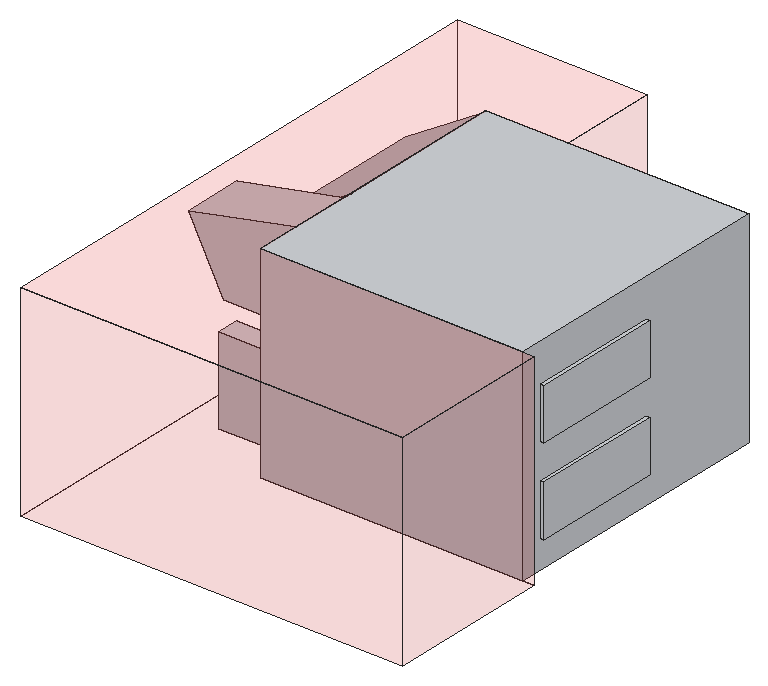
Revit family
Parameters (values of type "230 V Three Phase")
  Weight Scheduled [instance] = 775  # constant formula
  Voltage Workaround = Voltage / 1 V  # 230
  Voltage Scheduled = Voltage  # 230 V
  Voltage = 230 V
  VoltAmps Workaround [instance] = Voltage Workaround * Total FLA * sqrt(Phase)  # 0
  VoltAmps [instance] = VoltAmps Workaround * 1 VA  # 0 VA
  VFD [instance] = no
  URL = "http://www.renewaire.com/_assets/files/SubmittalForms/HE3XRTCSubmittal.pdf"
  Total FLA [instance] = if(or(Supply Motor FLA = 0, Exhaust Motor FLA = 0), 0, (Supply Motor FLA * Supply Motor Count) + (Exhaust Motor FLA * Exhaust Motor Count))  # 0
  Supply Motor RPM Scheduled [instance] = Supply Motor RPM  # 1495
  Supply Motor RPM [instance] = if(and(or(Supply ESP = -0.75, Supply ESP > -0.75), Supply ESP < -0.5), if(Supply CFM > 2605 CFM, 0, if(Supply CFM > 2515 CFM, 1715, if(Supply CFM > 2430 CFM, 1660, if(Supply CFM > 2355 CFM, 1605, if(Supply CFM > 2230 CFM, 1550, 1495))))), if(and(or(Supply ESP = -0.5, Supply ESP > -0.5), Supply ESP < -0.25), if(Supply CFM > 2525 CFM, 0, if(Supply CFM > 2430 CFM, 1770, if(Supply CFM > 2345 CFM, 1715, if(Supply CFM > 2270 CFM, 1660, if(Supply CFM > 2185 CFM, 1605, if(Supply CFM > 2090 CFM, 1550, 1495)))))), if(and(or(Supply ESP = -0.25, Supply ESP > -0.25), Supply ESP < 0), if(Supply CFM > 2338 CFM, 0, if(Supply CFM > 2255 CFM, 1770, if(Supply CFM > 2175 CFM, 1715, if(Supply CFM > 2110 CFM, 1660, if(Supply CFM > 2015 CFM, 1605, if(Supply CFM > 1950 CFM, 1550, 1495)))))), if(and(or(Supply ESP = 0, Supply ESP > 0), Supply ESP < 0.25), if(Supply CFM > 2250 CFM, 0, if(Supply CFM > 2195 CFM, 1825, if(Supply CFM > 2120 CFM, 1770, if(Supply CFM > 2050 CFM, 1715, if(Supply CFM > 1980 CFM, 1660, if(Supply CFM > 1900 CFM, 1605, if(Supply CFM > 1840 CFM, 1550, 1495))))))), if(and(or(Supply ESP = 0.25, Supply ESP > 0.25), Supply ESP < 0.5), if(Supply CFM > 2100 CFM, 0, if(Supply CFM > 2025 CFM, 1825, if(Supply CFM > 1960 CFM, 1770, if(Supply CFM > 1900 CFM, 1715, if(Supply CFM > 1830 CFM, 1660, if(Supply CFM > 1765 CFM, 1605, if(Supply CFM > 1730 CFM, 1550, 1495))))))), if(and(or(Supply ESP = 0.5, Supply ESP > 0.5), Supply ESP < 0.75), if(Supply CFM > 1865 CFM, 0, if(Supply CFM > 1785 CFM, 1825, if(Supply CFM > 1700 CFM, 1770, if(Supply CFM > 1620 CFM, 1715, if(Supply CFM > 1560 CFM, 1660, if(Supply CFM > 1540 CFM, 1605, if(Supply CFM > 1500 CFM, 1550, 1495))))))), if(Supply ESP = 0.75, if(Supply CFM > 1630 CFM, 0, if(Supply CFM > 1545 CFM, 1825, if(Supply CFM > 1440 CFM, 1770, if(Supply CFM > 1340 CFM, 1715, if(Supply CFM > 1290 CFM, 1660, if(Supply CFM > 1200 CFM, 1605, if(Supply CFM > 1100 CFM, 1550, 1495))))))), 0)))))))  # 1495
  Supply Motor HP Scheduled [instance] = Supply Motor HP  # 0
  Supply Motor HP [instance] = 0
  Supply Motor FLA [instance] = if(VFD, if(Supply Motor BHP = 0, 0, if(Supply Motor HP = 3, if(and(or(Voltage = 208 V, Voltage = 230 V), Phase = 1), 9.4, if(and(or(Voltage = 208 V, Voltage = 230 V), Phase = 3), 9.4, if(and(Voltage = 460 V, Phase = 3), 4.2, if(and(Voltage = 575 V, Phase = 3), 3.3, 0)))), 0)), if(Supply Motor BHP = 0, 0, if(Supply Motor HP = 3, if(and(or(Voltage = 208 V, Voltage = 230 V), Phase = 1), 13, if(and(or(Voltage = 208 V, Voltage = 230 V), Phase = 3), 9.4, if(and(Voltage = 460 V, Phase = 3), 4.2, if(and(Voltage = 575 V, Phase = 3), 3.3, 0)))), 0)))  # 0
  Supply Motor Count Scheduled [instance] = Supply Motor Count  # 1
  Supply Motor Count [instance] = 1  # constant formula
  Supply Motor BHP [instance] = if(and(or(Supply ESP = -0.75, Supply ESP > -0.75), Supply ESP < -0.5), if(Supply CFM > 2605 CFM, 0, if(Supply CFM > 2515 CFM, 2.7, if(Supply CFM > 2430 CFM, 2.4, if(Supply CFM > 2355 CFM, 2.2, if(Supply CFM > 2230 CFM, 1.2, 0.8))))), if(and(or(Supply ESP = -0.5, Supply ESP > -0.5), Supply ESP < -0.25), if(Supply CFM > 2525 CFM, 0, if(Supply CFM > 2430 CFM, 3, if(Supply CFM > 2345 CFM, 2.6, if(Supply CFM > 2270 CFM, 2.2, if(Supply CFM > 2185 CFM, 1.8, if(Supply CFM > 2090 CFM, 1.1, 0.7)))))), if(and(or(Supply ESP = -0.25, Supply ESP > -0.25), Supply ESP < 0), if(Supply CFM > 2338 CFM, 0, if(Supply CFM > 2255 CFM, 2.7, if(Supply CFM > 2175 CFM, 2.4, if(Supply CFM > 2110 CFM, 1.9, if(Supply CFM > 2015 CFM, 1.3, if(Supply CFM > 1950 CFM, 1, 0.5)))))), if(and(or(Supply ESP = 0, Supply ESP > 0), Supply ESP < 0.25), if(Supply CFM > 2250 CFM, 0, if(Supply CFM > 2195 CFM, 2.9, if(Supply CFM > 2120 CFM, 2.3, if(Supply CFM > 2050 CFM, 2.3, if(Supply CFM > 1980 CFM, 1.8, if(Supply CFM > 1900 CFM, 1.3, if(Supply CFM > 1840 CFM, 0.6, 0.4))))))), if(and(or(Supply ESP = 0.25, Supply ESP > 0.25), Supply ESP < 0.5), if(Supply CFM > 2100 CFM, 0, if(Supply CFM > 2025 CFM, 2.5, if(Supply CFM > 1960 CFM, 2.3, if(Supply CFM > 1900 CFM, 2, if(Supply CFM > 1830 CFM, 1.6, if(Supply CFM > 1765 CFM, 1.3, if(Supply CFM > 1730 CFM, 0.4, 0.3))))))), if(and(or(Supply ESP = 0.5, Supply ESP > 0.5), Supply ESP < 0.75), if(Supply CFM > 1865 CFM, 0, if(Supply CFM > 1785 CFM, 2.3, if(Supply CFM > 1700 CFM, 2.1, if(Supply CFM > 1620 CFM, 1.2, if(Supply CFM > 1560 CFM, 0.6, if(Supply CFM > 1540 CFM, 0.4, if(Supply CFM > 1500 CFM, 0.3, 0.2))))))), if(Supply ESP = 0.75, if(Supply CFM > 1630 CFM, 0, if(Supply CFM > 1545 CFM, 2.1, if(Supply CFM > 1440 CFM, 1.8, if(Supply CFM > 1340 CFM, 1.4, if(Supply CFM > 1290 CFM, 1, if(Supply CFM > 1200 CFM, 0.5, if(Supply CFM > 1100 CFM, 0.4, 0.2))))))), 0)))))))  # 0.4
  Supply ESP Scheduled [instance] = Supply ESP  # 0
  Supply ESP [instance] = 0
  Supply CFM Scheduled [instance] = Supply CFM  # 0 CFM
  Supply CFM [instance] = 0 CFM
  Supply Air Winter RH Scheduled [instance] = 0
  Supply Air Winter DB Scheduled [instance] = 0
  Supply Air Summer RH Scheduled [instance] = 0
  Supply Air Summer DB Scheduled [instance] = 0
  Phase Scheduled = Phase  # 3
  Phase = 3
  Outside Air Winter RH Scheduled [instance] = 0
  Outside Air Winter DB Scheduled [instance] = 0
  Outside Air Summer RH Scheduled [instance] = 0
  Outside Air Summer DB Scheduled [instance] = 0
  Number of Poles = 3
  Model = "HE3XRTC"
  Manufacturer = "RenewAire"
  MOCP Scheduled [instance] = MOCP  # 0
  MOCP [instance] = if(Total FLA = 0, 0, if(and(or(Voltage = 208 V, Voltage = 230 V), Phase = 1), 40, if(and(or(Voltage = 208 V, Voltage = 230 V), Phase = 3), 25, if(and(Voltage = 460 V, Phase = 3), 15, if(and(Voltage = 575 V, Phase = 3), 15, 0)))))  # 0
  MCA Scheduled [instance] = MCA  # 0
  MCA [instance] = if(VFD, if(Total FLA = 0, 0, if(and(or(Voltage = 208 V, Voltage = 230 V), Phase = 1), 40.2, if(and(or(Voltage = 208 V, Voltage = 230 V), Phase = 3), 23.2, if(and(Voltage = 460 V, Phase = 3), 10.5, if(and(Voltage = 575 V, Phase = 3), 8.2, 0))))), if(Total FLA = 0, 0, if(and(or(Voltage = 208 V, Voltage = 230 V), Phase = 1), 29.3, if(and(or(Voltage = 208 V, Voltage = 230 V), Phase = 3), 21.1, if(and(Voltage = 460 V, Phase = 3), 9.5, if(and(Voltage = 575 V, Phase = 3), 7.4, 0))))))  # 0
  FLA Scheduled [instance] = Total FLA  # 0
  Exhaust RH Scheduled [instance] = 0
  Exhaust Motor RPM Scheduled [instance] = Exhaust Motor RPM  # 1240
  Exhaust Motor RPM [instance] = if(and(or(Exhaust ESP = -0.75, Exhaust ESP > -0.75), Exhaust ESP < -0.5), if(Exhaust CFM > 2010 CFM, 0, if(Exhaust CFM > 1920 CFM, 1510, if(Exhaust CFM > 1830 CFM, 1465, if(Exhaust CFM > 1750 CFM, 1420, if(Exhaust CFM > 1690 CFM, 1375, if(Exhaust CFM > 1510 CFM, 1330, if(Exhaust CFM > 1320 CFM, 1285, 1240))))))), if(and(or(Exhaust ESP = -0.5, Exhaust ESP > -0.5), Exhaust ESP < -0.25), if(Exhaust CFM > 2130 CFM, 0, if(Exhaust CFM > 2035 CFM, 1465, if(Exhaust CFM > 1945 CFM, 1420, if(Exhaust CFM > 1860 CFM, 1375, if(Exhaust CFM > 1725 CFM, 1330, if(Exhaust CFM > 1590 CFM, 1285, 1240)))))), if(and(or(Exhaust ESP = -0.25, Exhaust ESP > -0.25), Exhaust ESP < 0), if(Exhaust CFM > 2240 CFM, 0, if(Exhaust CFM > 2140 CFM, 1420, if(Exhaust CFM > 2030 CFM, 1375, if(Exhaust CFM > 1940 CFM, 1330, if(Exhaust CFM > 1860 CFM, 1285, 1240))))), if(and(or(Exhaust ESP = 0, Exhaust ESP > 0), Exhaust ESP < 0.25), if(Exhaust CFM > 2400 CFM, 0, if(Exhaust CFM > 2330 CFM, 1375, if(Exhaust CFM > 2250 CFM, 1330, if(Exhaust CFM > 2165 CFM, 1285, 1240)))), if(and(or(Exhaust ESP = 0.25, Exhaust ESP > 0.25), Exhaust ESP < 0.5), if(Exhaust CFM > 2240 CFM, 0, if(Exhaust CFM > 2140 CFM, 1420, if(Exhaust CFM > 2030 CFM, 1375, if(Exhaust CFM > 1940 CFM, 1330, if(Exhaust CFM > 1860 CFM, 1285, 1240))))), if(and(or(Exhaust ESP = 0.5, Exhaust ESP > 0.5), Exhaust ESP < 0.75), if(Exhaust CFM > 2130 CFM, 0, if(Exhaust CFM > 2035 CFM, 1465, if(Exhaust CFM > 1945 CFM, 1420, if(Exhaust CFM > 1860 CFM, 1375, if(Exhaust CFM > 1725 CFM, 1330, if(Exhaust CFM > 1590 CFM, 1285, 1240)))))), if(Exhaust ESP = 0.75, if(Exhaust CFM > 2010 CFM, 0, if(Exhaust CFM > 1920 CFM, 1510, if(Exhaust CFM > 1830 CFM, 1465, if(Exhaust CFM > 1750 CFM, 1420, if(Exhaust CFM > 1690 CFM, 1375, if(Exhaust CFM > 1510 CFM, 1330, if(Exhaust CFM > 1320 CFM, 1285, 1240))))))), 0)))))))  # 1240
  Exhaust Motor HP Scheduled [instance] = Exhaust Motor HP  # 0
  Exhaust Motor HP [instance] = 0
  Exhaust Motor FLA [instance] = if(VFD, if(Exhaust Motor BHP = 0, 0, if(Exhaust Motor HP = 3, if(and(or(Voltage = 208 V, Voltage = 230 V), Phase = 1), 9.4, if(and(or(Voltage = 208 V, Voltage = 230 V), Phase = 3), 9.4, if(and(Voltage = 460 V, Phase = 3), 4.2, if(and(Voltage = 575 V, Phase = 3), 3.3, 0)))), 0)), if(Exhaust Motor BHP = 0, 0, if(Exhaust Motor HP = 3, if(and(or(Voltage = 208 V, Voltage = 230 V), Phase = 1), 13, if(and(or(Voltage = 208 V, Voltage = 230 V), Phase = 3), 9.4, if(and(Voltage = 460 V, Phase = 3), 4.2, if(and(Voltage = 575 V, Phase = 3), 3.3, 0)))), 0)))  # 0
  Exhaust Motor Count Scheduled [instance] = Exhaust Motor Count  # 1
  Exhaust Motor Count [instance] = 1  # constant formula
  Exhaust Motor BHP [instance] = if(and(or(Exhaust ESP = -0.75, Exhaust ESP > -0.75), Exhaust ESP < -0.5), if(Exhaust CFM > 2010 CFM, 0, if(Exhaust CFM > 1920 CFM, 2.7, if(Exhaust CFM > 1830 CFM, 2.3, if(Exhaust CFM > 1750 CFM, 1.9, if(Exhaust CFM > 1690 CFM, 1.1, if(Exhaust CFM > 1510 CFM, 1, if(Exhaust CFM > 1320 CFM, 0.9, 0.8))))))), if(and(or(Exhaust ESP = -0.5, Exhaust ESP > -0.5), Exhaust ESP < -0.25), if(Exhaust CFM > 2130 CFM, 0, if(Exhaust CFM > 2035 CFM, 2.9, if(Exhaust CFM > 1945 CFM, 2.5, if(Exhaust CFM > 1860 CFM, 1.9, if(Exhaust CFM > 1725 CFM, 1.5, if(Exhaust CFM > 1590 CFM, 1, 0.5)))))), if(and(or(Exhaust ESP = -0.25, Exhaust ESP > -0.25), Exhaust ESP < 0), if(Exhaust CFM > 2240 CFM, 0, if(Exhaust CFM > 2140 CFM, 3, if(Exhaust CFM > 2030 CFM, 2.6, if(Exhaust CFM > 1940 CFM, 1.9, if(Exhaust CFM > 1860 CFM, 1.1, 0.3))))), if(and(or(Exhaust ESP = 0, Exhaust ESP > 0), Exhaust ESP < 0.25), if(Exhaust CFM > 2400 CFM, 0, if(Exhaust CFM > 2330 CFM, 2.7, if(Exhaust CFM > 2250 CFM, 2.6, if(Exhaust CFM > 2165 CFM, 2.1, 1.5)))), if(and(or(Exhaust ESP = 0.25, Exhaust ESP > 0.25), Exhaust ESP < 0.5), if(Exhaust CFM > 2240 CFM, 0, if(Exhaust CFM > 2140 CFM, 3, if(Exhaust CFM > 2030 CFM, 2.6, if(Exhaust CFM > 1940 CFM, 1.9, if(Exhaust CFM > 1860 CFM, 1.1, 0.3))))), if(and(or(Exhaust ESP = 0.5, Exhaust ESP > 0.5), Exhaust ESP < 0.75), if(Exhaust CFM > 2130 CFM, 0, if(Exhaust CFM > 2035 CFM, 2.9, if(Exhaust CFM > 1945 CFM, 2.5, if(Exhaust CFM > 1860 CFM, 1.5, if(Exhaust CFM > 1725 CFM, 1.5, if(Exhaust CFM > 1590 CFM, 1, 0.5)))))), if(Exhaust ESP = 0.75, if(Exhaust CFM > 2010 CFM, 0, if(Exhaust CFM > 1920 CFM, 2.3, if(Exhaust CFM > 1830 CFM, 2.3, if(Exhaust CFM > 1750 CFM, 1.9, if(Exhaust CFM > 1690 CFM, 1.1, if(Exhaust CFM > 1510 CFM, 1, if(Exhaust CFM > 1320 CFM, 0.9, 0.8))))))), 0)))))))  # 1.5
  Exhaust ESP Scheduled [instance] = Exhaust ESP  # 0
  Exhaust ESP [instance] = 0
  Exhaust DB Scheduled [instance] = 0
  Exhaust CFM Scheduled [instance] = Exhaust CFM  # 0 CFM
  Exhaust CFM [instance] = 0 CFM
  Enthalpy Effect Winter Scheduled [instance] = 0
  Enthalpy Effect Summer Scheduled [instance] = 0
Types (7): name | Voltage Workaround | Voltage Scheduled | Voltage | VFD | Phase Scheduled | Phase | Number of Poles
  (no name) | 230 | 230 V | 230 V | no | 3 | 3 | 3
  208 V Single Phase | 208 | 208 V | 208 V | yes | 1 | 1 | 2
  230 V Single Phase | 230 | 230 V | 230 V | yes | 1 | 1 | 2
  208 V Three Phase | 208 | 208 V | 208 V | yes | 3 | 3 | 3
  230 V Three Phase | 230 | 230 V | 230 V | no | 3 | 3 | 3
  460 V Three Phase | 460 | 460 V | 460 V | yes | 3 | 3 | 3
  575 V Three Phase | 575 | 575 V | 575 V | yes | 3 | 3 | 3
Reference planes (in)
  plane 1 "Center (Front/Back)": y = 0
  plane 2: z = 0
  plane 3 "Center (Left/Right)": x = 0
Forms (in)
  Extrusion 1, solid
    sketch origin (0, 0, 0) x (1, 0, 0) y (0, 1, 0)
      loop
        line (-28.75, 30.875) -> (-28.75, -30.875) -> (28.75, -30.875) -> (28.75, 30.875) -> (-28.75, 30.875)
    from 0 to 45
  Extrusion 2, solid
    sketch origin (28.75, 34.60165, 0) x (0, -1, 0) y (0, 0, -1)
      loop
        line (60.97665, -17.75) -> (60.97665, -6.5) -> (31.97665, -6.5) -> (31.97665, -17.75) -> (60.97665, -17.75)
      loop
        line (60.97665, -36.75) -> (60.97665, -25.5) -> (31.97665, -25.5) -> (31.97665, -36.75) -> (60.97665, -36.75)
    from 0 to 1
  Extrusion 3, solid
    sketch origin (0, 0, 0) x (1, 0, 0) y (0, 0, 1)
      loop
        line (-44.88169, 25) -> (-28.75, 25) -> (-28.75, 45) -> (-52.5, 39.95178) -> (-44.88169, 25)
    from 8 to 21
  Extrusion 4, solid
    sketch origin (0, 0, 0) x (1, 0, 0) y (0, 0, 1)
      loop
        line (-28.75, 2) -> (-28.75, 45) -> (-45.75, 34.37722) -> (-28.75, 2)
    from -30 to 6
  Extrusion 5, solid
    sketch origin (0, 0, 0) x (1, 0, 0) y (0, 1, 0)
      loop
        line (-52.5, 52.75) -> (-52.5, -67.25) -> (31.375, -67.25) -> (31.375, -30.875) -> (-28.75, -30.875) -> (-28.75, 30.875) -> (-10.75, 30.875) -> (-10.75, 52.75) -> (-52.5, 52.75)
    from 0 to 45
  Extrusion 6, solid
    sketch origin (0, 0.70849, 0) x (1, 0, 0) y (0, 1, 0)
      loop
        line (-28.75, -23.20849) -> (-40.75, -23.20849) -> (-40.75, -28.20849) -> (-28.75, -28.20849) -> (-28.75, -23.20849)
    from 4 to 23
Cuts and joins
  joined: Extrusion 1, Extrusion 2, Extrusion 3, Extrusion 4
Dimensions and locks (in)
  Extrusion 3 sketch curve to Extrusion 3 sketch curve = 1' - 8"
Connectors (in)
  hvac at (29.75, -11.875, 31.125), driven by "Supply CFM"
    settings: on Extrusion 2, index 1, duct flow 0 CFM, flow factor 0, pres drop 0.00 in-wg, loss coef 0, conn angle 0.00°, conn width 29", conn height 11 1/4", conn radius 12", duct sys type 1, conn prof type 1, flow config 0, flow direction 2, loss method 0, conn ref index -1, conn util no, is conn primary yes, conn desc ""
  hvac at (29.75, -11.875, 12.125), driven by "Exhaust CFM"
    settings: on Extrusion 2, index 2, duct flow 0 CFM, flow factor 0, pres drop 0.00 in-wg, loss coef 0, conn angle 0.00°, conn width 29", conn height 11 1/4", conn radius 12", duct sys type 3, conn prof type 1, flow config 0, flow direction 1, loss method 0, conn ref index -1, conn util no, is conn primary no, conn desc ""
  electrical at (-40.75, -25, 13.5), driven by "VoltAmps", driven by "Voltage Scheduled", driven by "Number of Poles"
    settings: on Extrusion 6, index 3, voltage 230 V, apparent load 0 VA, apparent load phase1 0 VA, apparent load phase2 0 VA, apparent load phase3 0 VA, power factor 1, load classification "HVAC", number of poles 3, system type 30, power factor state 1, is connector primary yes, connector utility no, sub classification motor no, connector description ""
